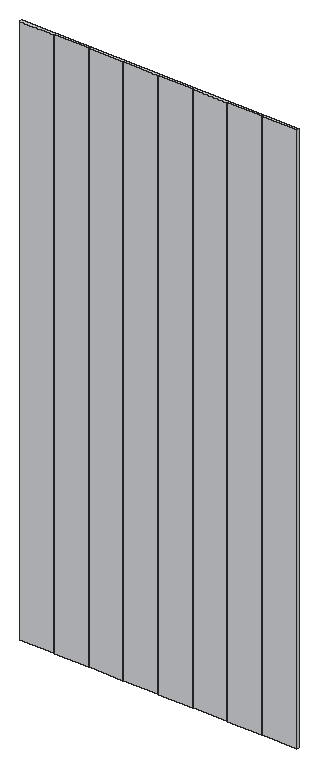
Revit family "easygroove150", category Generic Models, Revit 2015
Parameters (values of type "Length=2400")
  vis.Rebateddado [instance] = and(Show Dado, Select EasyDado_Rebated)  # no
  vis.Flatdado [instance] = and(Show Dado, Select EasyDado_Flat)  # no
  easygroove_Material = none
  URL = "http://www.easycraft.com.au/products/1/easygroove"
  Show Dado [instance] = no
  Select EasyDado_Rebated [instance] = not(Select EasyDado_Flat)  # yes
  Select EasyDado_Flat [instance] = no
  Model = "easygroove"  # constant formula
  Manufacturer = "Easycraft Australia Pty Ltd ph 07 3906 7200"  # constant formula
  Length_panel = 2400 mm
  Description = "VGROOVE150"  # constant formula
  Assembly Code = "G09MR24-150"
Types (3, lengths in mm): name | Length_panel | Assembly Code
  Length=2400 | 2400 | "G09MR24-150"
  Length=3000 | 3000 | "G09MR30-150"
  Length=3600 | 3600 | "G09MR36-150"
Reference planes
  plane 1 "Center (Front/Back)": y = 0
  plane 2: z = 0
  plane 3 "Center (Left/Right)": x = 0
  plane 4 "Panel_top": z = 2400
Forms (mm)
  Sweep 1, solid, material <- "easygroove_Material"
    path origin (0, 0, 0) x (-1, 0, 0) y (0, 0, 1)
      loop
        line (0, 0) -> (0, 2400)
    profile "_easygroove_150 : _easygroove_150" origin (0, 0, 1200) x (1, 0, 0) y (0, 1, 0)
      loop
        line (0, 0) -> (0, -7) -> (2, -9) -> (148, -9) -> (150, -7) -> (152, -9) -> (298, -9) -> (300, -7) -> (302, -9) -> (448, -9) -> (450, -7) -> (452, -9) -> (598, -9) -> (600, -7) -> (602, -9) -> (748, -9) -> (750, -7) -> (752, -9) -> (898, -9) -> (900, -7) -> (902, -9) -> (1048, -9) -> (1050, -7) -> (1052, -9) -> (1198, -9) -> (1200, -7) -> (1200, 0) -> (0, 0)
Dimensions and locks
  "Length_panel": plane 4 "Panel_top" to plane 2
  aligned and locked: level to plane 2
  aligned and locked: nested 1 to plane 4 "Panel_top"
  aligned and locked: nested 1 to Sweep 1
  aligned and locked: nested 2 to plane 4 "Panel_top"
  aligned and locked: plane 1 "Center (Front/Back)" to nested 2
Automatic sketch dimensions
  Sweep 1 sketch curve to plane 3 "Center (Left/Right)" = 0 mm
  Sweep 1 sketch curve to level = 0 mm
  Sweep 1 sketch curve to plane 4 "Panel_top" = 0 mm
Nested families
  nested 1: "easydado_flat" at (0, -9, 2400), visible <- "vis.Flatdado", type "Length=1200"
  nested 2: "easydado_rebated" at (0, 0, 2400), visible <- "vis.Rebateddado", type "Length=1200"
Definition of nested family "easydado_flat"
  Parameters (values of type "_easydado_flat")
    easydado_flat_Material = none
    URL = "http://www.easycraft.com.au/products/3/easyvj"
    Model = "easydado"  # constant formula
    Manufacturer = "Easycraft Australia Pty Ltd ph 07 3906 7200"  # constant formula
    Description = "flat"  # constant formula
  Reference planes
    plane 1 "Center (Front/Back)": y = 0
    plane 2: z = 0
    plane 3 "Center (Left/Right)": x = 0
    plane 4: x = 1200
  Forms (mm)
    Sweep 1, solid, material <- "easydado_flat_Material"
      path origin (0, 0, 0) x (1, 0, 0) y (0, 1, 0)
        loop
          line (1200, 0) -> (0, 0)
      profile "_dadoflat : Type 1" origin (600, 0, 0) x (0, -1, 0) y (0, 0, 1)
        loop
          arc (11, -21.649) -> (15.972, -19.589) -> (18.032, -14.616) r 7.032
          line (18.032, -14.616) -> (20.5, -14.616) -> (20.5, -9.616)
          arc (20.5, -9.616) -> (28, 0.905) -> (20.5, 11.426) r 11.13
          line (20.5, 11.426) -> (20.5, 14.059)
          arc (20.5, 14.059) -> (13.782, 16.841) -> (11, 23.559) r 9.5
          line (11, 23.559) -> (0, 23.559) -> (0, -29.941)
          arc (0, -29.941) -> (4.5, -34.441) -> (9, -29.941) r 4.5
          line (9, -29.941) -> (9, -27.86) -> (11, -27.86) -> (11, -21.649)
  Dimensions and locks
    aligned and locked: level to plane 2
Definition of nested family "easydado_rebated"
  Parameters (values of type "_easydado_rebated")
    easydado_rebated_Material = none
    URL = "http://www.easycraft.com.au/products/3/easyvj"
    Model = "easydado"  # constant formula
    Manufacturer = "Easycraft Australia Pty Ltd ph 07 3906 7200"  # constant formula
    Description = "rebated"  # constant formula
  Reference planes
    plane 1 "Center (Front/Back)": y = 0
    plane 2: z = 0
    plane 3 "Center (Left/Right)": x = 0
    plane 4: x = 1200
  Forms (mm)
    Sweep 1, solid, material <- "easydado_rebated_Material"
      path origin (0, 0, 0) x (1, 0, 0) y (0, 1, 0)
        loop
          line (1200, 0) -> (0, 0)
      profile "_profile_easydadorebated : _profile_easydadorebated" origin (600, 0, 0) x (0, -1, 0) y (0, 0, 1)
        loop
          arc (20.5, 25.5) -> (13.782, 28.282) -> (11, 35) r 9.5
          line (11, 35) -> (0, 35) -> (0, 0) -> (9, 0) -> (9, -13)
          arc (9, -13) -> (15.364, -10.364) -> (18, -4) r 9
          line (18, -4) -> (20.5, -4) -> (20.5, 1.825)
          arc (20.5, 1.825) -> (28, 12.346) -> (20.5, 22.867) r 11.13
          line (20.5, 22.867) -> (20.5, 25.5)
  Dimensions and locks
    aligned and locked: level to plane 2
